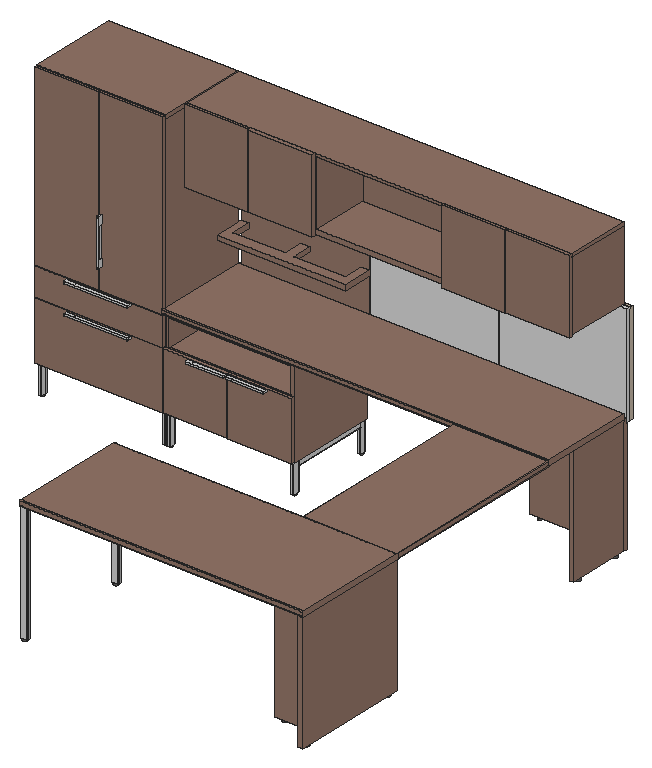
Revit family "FLV011", category Furniture, Revit 2019 (continued)
Definition of nested family "JSI-Flux-Workwall_Panel"
  Dimensions and locks (in)
    aligned and locked: plane 22 to Extrusion 9
    aligned and locked: Extrusion 9 to plane 21
    aligned and locked: curve 5 to plane 2 "Center (Left/Right)"
    aligned and locked: curve 6 to plane 4
    aligned and locked: curve 7 to plane 23
    aligned and locked: Extrusion 12 sketch curve to plane 33
    aligned and locked: plane 22 to Extrusion 10
    aligned and locked: plane 22 to Extrusion 11
    aligned and locked: plane 22 to Extrusion 12
    aligned and locked: Extrusion 10 to plane 21
    aligned and locked: Extrusion 11 to plane 21
    aligned and locked: Extrusion 12 to plane 21
    aligned and locked: Extrusion 13 sketch curve to plane 34
    aligned and locked: Extrusion 14 sketch curve to plane 37
    aligned and locked: Extrusion 14 sketch curve to plane 38
    aligned and locked: plane 22 to Extrusion 14
    aligned and locked: Extrusion 14 to plane 21
    aligned and locked: Extrusion 13 to plane 39
    aligned and locked: Extrusion 13 sketch curve to plane 35
    aligned and locked: Extrusion 13 sketch curve to plane 36
    aligned and locked: Extrusion 13 sketch curve to plane 39
    aligned and locked: Extrusion 14 sketch curve to plane 41
    aligned and locked: Extrusion 14 sketch curve to plane 40
    aligned and locked: curve 9 to Extrusion 12
    aligned and locked: curve 11 to Extrusion 12
    aligned and locked: curve 12 to Extrusion 11
    aligned and locked: curve 13 to Extrusion 11
    aligned and locked: curve 14 to Extrusion 10
    aligned and locked: curve 15 to Extrusion 10
    aligned and locked: curve 16 to Extrusion 13
    aligned and locked: curve 17 to Extrusion 13
    aligned and locked: curve 18 to Extrusion 13
    aligned and locked: curve 19 to Extrusion 14
    aligned and locked: curve 20 to Extrusion 14
    aligned and locked: curve 21 to Extrusion 14
    aligned and locked: plane 41 to curve 21
    aligned and locked: plane 41 to curve 20
    aligned and locked: plane 22 to Extrusion 13
    aligned and locked: Extrusion 13 to plane 21
    aligned and locked: plane 39 to curve 16
    aligned and locked: plane 39 to curve 18
    aligned and locked: Sweep 15 sketch curve to curve 9
    aligned and locked: Sweep 15 sketch curve to curve 11
    aligned and locked: Sweep 15 sketch curve to plane 22
    aligned and locked: Extrusion 16 sketch curve to Sweep 15  (x2)
    aligned and locked: Extrusion 16 to Sweep 15  (x2)
    aligned and locked: Revolve 17 sketch curve to plane 22
    aligned and locked: Revolve 17 sketch curve to plane 25  (x2)
    aligned and locked: Revolve 18 sketch curve to plane 24  (x2)
    aligned and locked: Revolve 18 sketch curve to plane 22
  Automatic sketch dimensions
    Extrusion 10 sketch curve to plane 24 = 0' - 0"
    plane 27 to Extrusion 10 sketch curve = 0' - 0"
    Extrusion 11 sketch curve to plane 25 = 0' - 0"
    plane 27 to Extrusion 11 sketch curve = 0' - 0"
    Extrusion 12 sketch curve to plane 30 = 0' - 0"
    Extrusion 12 sketch curve to plane 31 = 0' - 0"
    Sweep 15 sketch curve to Sweep 15 sketch curve = 0' - 0"  (x4)
    Revolve 17 sketch curve to Revolve 17 sketch curve = 0' - 0"  (x3)
    plane 25 to Revolve 17 sketch curve = 0' - 0.06418"
    Revolve 17 sketch curve to level = 1' - 0"
    plane 10 to Revolve 17 sketch curve = 3' - 7"
    Revolve 18 sketch curve to Revolve 18 sketch curve = 0' - 0 1/16"
    Revolve 18 sketch curve to Revolve 18 sketch curve = 0' - 0"
    Revolve 18 sketch curve to level = 1' - 0"
    plane 10 to Revolve 18 sketch curve = 3' - 7"
Definition of nested family "JSI-Flux-Md_Crdnz_Wg_End_Sup"
  Parameters (values of type "Type Catalog - Md Crdnz Wg End Sup")
    Width = 3' - 0"
    URL = "www.jsifurniture.com"
    Type Comments = ""
    Series = "FLUX"  # constant formula
    R = if(L, 1 > 2, 2 > 1)  # no
    L = yes
    Glides = none
    End_Panel_Dist = if(L, Width - 0' 0 7/8", 0' 0")  # 2' - 11 1/8"
    Clamp = none
    Back_Panel_Width = Width - 0' 0 7/8"  # 2' - 11 1/8"
    Model = ""
    Manufacturer = "JSI"  # constant formula
    Keynote = "12500"
    JSI Enviromental Website = "http://www.jsifurniture.com/jsi_sustainability_intro.php"
    Height = 2' - 4"
    Panel = none
    Description = ""
    Depth = 1' - 10"
    Back_Panel_Dist = if(L, 0' 0", 0' 0 7/8")  # 0' - 0"
    Assembly Code = "E2020200"
  Reference planes (in)
    plane 1: z = 0
    plane 2 "Center (Left/Right)": x = -36.06413
    plane 3 "Center (Front/Back)": y = 10.75
    plane 4: y = 9.875
    plane 5: x = -0.93913
    plane 6: x = -0.06413
    plane 7: x = -0.06413
    plane 8: y = -11.25
    plane 9: z = 0.5
    plane 10: z = 28
    plane 11: x = -36.06413
    plane 12: x = -0.93913
    plane 13: x = -34.06413
    plane 14: x = -2.93913
    plane 15: y = 10.3125
    plane 16: x = -2.93913
    plane 17: x = -18.06413
    plane 18: y = -0.6875
    plane 19: y = 4.59375
    plane 20: y = -5.96875
    plane 21: x = -0.50163
    plane 22: y = -9.25
  Forms (in)
    Extrusion 1, solid, material <- "Panel"
      sketch origin (0, 0, 0) x (1, 0, 0) y (0, 1, 0)
        loop
          line (-36.06413, 10.75) -> (-36.06413, 9.875) -> (-0.93913, 9.875) -> (-0.93913, 10.75) -> (-36.06413, 10.75)
      from 0.5 to 28
    Extrusion 2, solid, material <- "Panel"
      sketch origin (0, 0, 0) x (1, 0, 0) y (0, 1, 0)
        loop
          line (-0.93913, 10.75) -> (-0.93913, -11.25) -> (-0.06413, -11.25) -> (-0.06413, 10.75) -> (-0.93913, 10.75)
      from 0.5 to 28
    Extrusion 3, solid, material <- "Glides"
      sketch origin (0, 0, 0) x (1, 0, 0) y (0, 1, 0)
        loop
          circle (-34.06413, 10.3125) r 0.4375
      from 0 to 0.5
    Extrusion 4, solid, material <- "Glides"
      sketch origin (0, 0, 0) x (1, 0, 0) y (0, 1, 0)
        loop
          circle (-2.93913, 10.3125) r 0.4375
      from 0 to 0.5
    Extrusion 5, solid, material <- "Glides"
      sketch origin (0, 0, 0) x (1, 0, 0) y (0, 1, 0)
        loop
          circle (-0.50163, -9.25) r 0.4375
      from 0 to 0.5
  Lines and regions (in)
    symbolic lines
      curve 1: line (-0.93913, 10.75, 0) -> (-36.06413, 10.75, 0)
      curve 2: line (-0.93913, 9.875, 0) -> (-36.06413, 9.875, 0)
      curve 3: line (-36.06413, 10.75, 0) -> (-36.06413, 9.875, 0)
      curve 4: line (-0.93913, 10.75, 0) -> (-0.93913, 9.875, 0)
      curve 5: line (-0.93913, 10.75, 0) -> (-0.93913, -11.25, 0)
      curve 6: line (-0.06413, 10.75, 0) -> (-0.06413, -11.25, 0)
      curve 7: line (-0.06413, 10.75, 0) -> (-0.93913, 10.75, 0)
      curve 8: line (-0.06413, -11.25, 0) -> (-0.93913, -11.25, 0)
  Dimensions and locks (in)
    "Width": plane 2 "Center (Left/Right)" to plane 7
    locked: plane 5 to plane 6 at 0.875
    locked: plane 4 to plane 3 "Center (Front/Back)" at 0.875
    "Depth": plane 8 to plane 3 "Center (Front/Back)"
    locked: plane 9 to plane 1 at 0.5
    "Height": plane 10 to plane 1
    "Back_Panel_Width": plane 11 to plane 12
    "Back_Panel_Dist": plane 2 "Center (Left/Right)" to plane 11
    "End_Panel_Dist": plane 2 "Center (Left/Right)" to plane 5
    locked: plane 11 to plane 13 at 2
    locked: plane 14 to plane 12 at 2
    locked: plane 15 to plane 3 "Center (Front/Back)" at 0.4375
    plane 2 "Center (Left/Right)" to plane 17 to plane 7 = 1' - 6", 1' - 6"
    equal spacing: plane 8, plane 18, plane 4
    equal spacing: plane 18, plane 19, plane 4
    equal spacing: plane 8, plane 20, plane 18
    locked: plane 5 to plane 21 at 0.4375
    locked: plane 8 to plane 22 at 2
    radius of Extrusion 3 sketch curve = 0' - 0 7/16"
    radius of Extrusion 4 sketch curve = 0' - 0 7/16"
    radius of Extrusion 5 sketch curve = 0' - 0 7/16"
    aligned and locked: level to plane 1
    aligned and locked: Extrusion 1 sketch curve to plane 11
    aligned and locked: Extrusion 1 sketch curve to plane 12
    aligned and locked: Extrusion 1 sketch curve to plane 3 "Center (Front/Back)"
    aligned and locked: Extrusion 1 sketch curve to plane 4
    aligned and locked: Extrusion 2 sketch curve to plane 5
    aligned and locked: Extrusion 2 sketch curve to plane 6
    aligned and locked: Extrusion 2 sketch curve to plane 3 "Center (Front/Back)"
    aligned and locked: Extrusion 2 sketch curve to plane 8
    aligned and locked: plane 10 to Extrusion 2
    aligned and locked: Extrusion 2 to plane 9
    aligned and locked: plane 10 to Extrusion 1
    aligned and locked: Extrusion 1 to plane 9
    aligned and locked: Extrusion 3 to plane 1
    aligned and locked: Extrusion 4 to plane 1
    aligned and locked: plane 9 to Extrusion 3
    aligned and locked: plane 9 to Extrusion 4
    aligned and locked: plane 10 to nested 1
    aligned and locked: nested 1 to plane 19
    aligned and locked: nested 2 to plane 20
    aligned and locked: plane 5 to nested 3
    aligned and locked: nested 3 to plane 10
    aligned and locked: plane 5 to nested 4
    aligned and locked: nested 4 to plane 10
    aligned and locked: plane 6 to nested 2
    aligned and locked: plane 6 to nested 1
    aligned and locked: curve 1 to plane 3 "Center (Front/Back)"
    aligned and locked: curve 2 to plane 4
    aligned and locked: curve 3 to plane 11
    aligned and locked: curve 4 to plane 12
    aligned and locked: curve 5 to plane 5
    aligned and locked: curve 6 to plane 6
    aligned and locked: curve 7 to plane 3 "Center (Front/Back)"
    aligned and locked: curve 8 to plane 8
    aligned and locked: plane 19 to nested 4
    aligned and locked: plane 20 to nested 3
    aligned and locked: nested 6 to plane 18
    aligned and locked: plane 18 to nested 5
    aligned and locked: plane 10 to nested 6
    aligned and locked: nested 5 to plane 10
    aligned and locked: nested 6 to plane 10
    aligned and locked: plane 10 to nested 5
    aligned and locked: plane 6 to nested 6
    aligned and locked: plane 5 to nested 5
    aligned and locked: plane 9 to Extrusion 5
    aligned and locked: Extrusion 5 to plane 1
  Automatic sketch dimensions
    Extrusion 3 sketch curve to plane 13 = 0' - 0"
    plane 15 to Extrusion 3 sketch curve = 0' - 0"
    Extrusion 4 sketch curve to plane 14 = 0' - 0"
    plane 15 to Extrusion 4 sketch curve = 0' - 0"
    Extrusion 5 sketch curve to plane 21 = 0' - 0"
    plane 22 to Extrusion 5 sketch curve = 0' - 0"
  Nested families (in)
    nested 1: "Clamp" at (10.68587, 40.65788, 27.125) x (0, 1, 0) z (0, 0, 1), Clamp Finish <- "Clamp", visible <- "R", type "Clamp"
      with Clamp Finish none, Clamp yes
    nested 2: "Clamp" at (10.68587, 30.09538, 27.125) x (0, 1, 0) z (0, 0, 1), Clamp Finish <- "Clamp", visible <- "R", type "Clamp"
      with Clamp Finish none, Clamp yes
    nested 3: "Clamp" at (-11.68913, 30.09538, 27.125) x (0, 1, 0) z (0, 0, 1), Clamp Finish <- "Clamp", visible <- "L", type "Clamp"
      with Clamp Finish none, Clamp yes
    nested 4: "Clamp" at (-11.68913, 40.65788, 27.125) x (0, 1, 0) z (0, 0, 1), Clamp Finish <- "Clamp", visible <- "L", type "Clamp"
      with Clamp Finish none, Clamp yes
    nested 5: "Clamp" at (-11.68913, 35.37663, 27.125) x (0, 1, 0) z (0, 0, 1), Clamp Finish <- "Clamp", visible <- "L", type "Clamp"
      with Clamp Finish none, Clamp yes
    nested 6: "Clamp" at (10.68587, 35.37663, 27.125) x (0, 1, 0) z (0, 0, 1), Clamp Finish <- "Clamp", visible <- "R", type "Clamp"
      with Clamp Finish none, Clamp yes
  Definition of nested family "Clamp"
    Parameters
      URL = "www.jsifurniture.com"
      Type Comments = ""
      Series = "FLUX"  # constant formula
      Model = ""
      Manufacturer = "JSI"  # constant formula
      Keynote = "12500"
      Clamp Finish [instance] = none
      Description = ""
      Clamp [instance] = yes
      Assembly Code = "E2020200"
    Reference planes (in)
      plane 1: z = 0
      plane 2 "Center (Left/Right)": x = -36.06413
      plane 3 "Center (Front/Back)": y = 10.75
      plane 4: x = -37.56413
      plane 5: x = -34.56413
    Forms (in)
      Extrusion 1, solid, material <- "Clamp Finish", visible <- "Clamp"
        sketch origin (0, 0, 0) x (0, 1, 0) y (0, 0, 1)
          loop
            line (10.75, 0.875) -> (9.875, 0.875) -> (9.875, 0.75) -> (10.625, 0.75) -> (10.625, 0) -> (10.75, 0) -> (10.75, 0.875)
        from -37.56413 to -34.56413
    Dimensions and locks (in)
      Extrusion 1 sketch curve to Extrusion 1 sketch curve to Extrusion 1 sketch curve = 0' - 0 1/8" locked, 0' - 0 3/4" locked  (x2)
      locked: plane 4 to plane 5 at 3
      aligned and locked: level to plane 1
      aligned and locked: plane 3 "Center (Front/Back)" to Extrusion 1 sketch curve
      aligned and locked: Extrusion 1 to plane 4
      aligned and locked: plane 5 to Extrusion 1
Definition of nested family "JSI-Flux- Lat_Ped_Pm_Ht"
  Parameters (values of type "Type Catalog - Lt  Pdst, Pm Ht")
    V_Void_Dist = if(M8, 0' 0", (if(M7, (if(Width > 1' 6", 0' 0", 0' 2")), 0' 2")))  # 0' - 2"
    Top Pull Height = if(M8, (Bottom Door Height + 0' 0 1/8" - 0' 0 13/64"), (Height - 0' 7 3/16" - 0' 0 1/8" - 0' 0 13/64"))  # 1' - 8 19/64"
    Top Pull = if(M0, 1 > 2, 2 > 1)  # yes
    Top Door Height = if(M5, Height - 0' 7 3/16" - Bottom Door Height - 0' 0 3/8", (if(M6, Height - 0' 7 3/16" - Bottom Door Height - 0' 0 3/8", (if(M8, Height - 0' 7 3/16" - Bottom Door Height - 0' 0 3/8", (Height - 0' 7 3/16" - 0' 0 1/4"))))))  # 0' - 6 11/16"
    Top Door = if(M0, 1 > 2, (if(M8, 1 > 2, 2 > 1)))  # yes
    Top = none
    Width = 3' - 0"
    URL = "www.jsifurniture.com"
    Type Comments = ""
    TAG = if(M5, "BF", (if(M6, "BF", (if(B, "Drawer", (if(M0, "Open", (if(M7, (if(Width > 1' 6", "2 Doors", "1 Door")), "2 Doors")))))))))  # "BF"
    Single Door Line = if(M8, 1 > 2, (if(M0, 1 > 2, (if(M7, (if(Width > 1' 6", 1 > 2, 2 > 1)), 2 > 1)))))  # yes
    Shelf Height = 0' - 6 13/16"  # constant formula
    Shelf Finish = none
    Shelf = if(B, 1 > 2, (if(M5, 1 > 2, 2 > 1)))  # no
    Series = "FLUX"  # constant formula
    Right Pull Dist = if(M5, ((Width - Pull width) / 2), (if(M6, ((Width - Pull width) / 2), (if(B, ((Width - Pull width) / 2), (if(M7, (if(Width > 1' 6", ((Width / 2) + 0' 0 7/32"), (if(L, Width - 0' 0 7/32" - Pull width, 0' 0 7/32")))), ((Width / 2) + 0' 0 7/32"))))))))  # 1' - 1 37/64"
    Pull width = if(M6, 1' 2 27/32", (if(B, 1' 2 27/32", 0' 8 27/32")))  # 0' - 8 27/32"
    Pull Finish = none
    Model = ""
    Manufacturer = "JSI"  # constant formula
    M8 = no
    M7 = no
    M6 = no
    M5 = yes
    M0 = no
    Legs = none
    Leg Width = Width  # 3' - 0"
    Leg Depth = Depth - 0' 0 3/4"  # 1' - 9 1/16"
    Left Pull Dist = if(M5, ((Width - Pull width) / 2) + Pull width, (if(M6, ((Width - Pull width) / 2) + Pull width, (if(B, ((Width - Pull width) / 2) + Pull width, (if(M7, (if(Width > 1' 6", ((Width / 2) - 0' 0 7/32"), (if(L, Width - 0' 0 7/32", 0' 0 7/32" + Pull width)))), ((Width / 2) - 0' 0 7/32"))))))))  # 1' - 10 27/64"
    L = no
    Keynote = "12500"
    JSI Enviromental Website = "http://www.jsifurniture.com/jsi_sustainability_intro.php"
    Height = 2' - 3 13/16"
    Grommet Dist = if(B, ((Width / 2) - 0' 3"), (if(M0, ((Width / 2) - 0' 3"), Width + 0' 1")))  # 3' - 1"
    Glides = none
    Door Lines = if(M0, 1 > 2, 2 > 1)  # yes
    Db Doors Line = if(M8, 2 > 1, (if(M0, 1 > 2, (if(M7, (if(Width > 1' 6", 2 > 1, 1 > 2)), 1 > 2)))))  # no
    Bottom Pull Dist = (Width - Pull width) / 2  # 1' - 1 37/64"
    Bottom Pull = if(M5, 2 > 1, (if(M6, 2 > 1, 1 > 2)))  # yes
    Bottom Door Height = if(M5, 1' 1 9/16", (if(M6, 1' 1 9/16", (if(M8, 1' 1 9/16", (Height - 0' 7 3/16" - 0' 0 1/8" - 0' 0 1/8"))))))  # 1' - 1 9/16"
    Bottom Door = if(M0, 1 > 2, 2 > 1)  # yes
    Back Panel = none
    Door Front = none
    Description = ""
    Depth = 1' - 9 13/16"
    Chassis = none
    B = no
    Assembly Code = "E2020200"
  Reference planes (in)
    plane 1: z = 0
    plane 2 "Center (Left/Right)": x = -36.06413
    plane 3 "Center (Front/Back)": y = 10.75
    plane 4: x = -31.06413
    plane 5: x = 4.93587
    plane 6: x = -30.31413
    plane 7: x = 4.18587
    plane 8: y = 10.6875
    plane 9: y = 9.9375
    plane 10: y = 8.75
    plane 11: y = -11.0625
    plane 12: y = -10.3125
    plane 13: y = -5.8125
    plane 14: y = 1.5625
    plane 15: y = 6.0625
    plane 16: x = -13.06413
    plane 17: z = 0.3125
    plane 18: z = 7.1875
    plane 19: z = 27.8125
    plane 20: z = 27.0625
    plane 21: z = 7.9375
    plane 22: z = 7.3125
    plane 23: z = 27.6875
    plane 24: z = 20.875
    plane 25: z = 21
    plane 26: z = 25.0625
    plane 27: z = 21
    plane 28: z = 20.25
    plane 29: x = -31.00163
    plane 30: x = 4.87337
    plane 31: y = 9.4375
    plane 32: y = 6.9375
    plane 33: x = 11.93587
    plane 34: x = 5.93587
    plane 35: z = 23.5
    plane 36: x = -13.12663
    plane 37: x = -13.00163
    plane 38: y = -12.3125
    plane 39: y = -13.3125
    plane 40: x = -8.64226
    plane 41: x = -17.48601
    plane 42: x = -17.48601
    plane 43: z = 27.48438
    plane 44: z = 20.67188
    plane 45: y = 0.21875
  Forms (in)
    Extrusion 1, solid, material <- "Chassis"
      sketch origin (0, 0, 0) x (1, 0, 0) y (0, 1, 0)
        loop
          line (-31.06413, 10.75) -> (-31.06413, -10.3125) -> (-30.31413, -10.3125) -> (-30.31413, 10.75) -> (-31.06413, 10.75)
      from 7.1875 to 27.8125
    Extrusion 2, solid, material <- "Chassis"
      sketch origin (0, 0, 0) x (1, 0, 0) y (0, 1, 0)
        loop
          line (4.18587, 10.75) -> (4.18587, -10.3125) -> (4.93587, -10.3125) -> (4.93587, 10.75) -> (4.18587, 10.75)
      from 7.1875 to 27.8125
    Extrusion 3, solid, material <- "Back Panel"
      sketch origin (0, 0, 0) x (1, 0, 0) y (0, 1, 0)
        loop
          line (4.18587, 9.9375) -> (4.18587, 10.6875) -> (-30.31413, 10.6875) -> (-30.31413, 9.9375) -> (4.18587, 9.9375)
      from 7.1875 to 27.8125
    Extrusion 4, solid, material <- "Door Front", visible <- "Bottom Door"
      sketch origin (0, 0, 0) x (1, 0, 0) y (0, 1, 0)
        loop
          line (4.87337, -10.3125) -> (-31.00163, -10.3125) -> (-31.00163, -11.0625) -> (4.87337, -11.0625) -> (4.87337, -10.3125)
      from 7.3125 to 20.875
    Extrusion 5, solid, material <- "Door Front", visible <- "Top Door"
      sketch origin (0, 0, 0) x (1, 0, 0) y (0, 1, 0)
        loop
          line (-31.00163, -10.3125) -> (-31.00163, -11.0625) -> (4.87337, -11.0625) -> (4.87337, -10.3125) -> (-31.00163, -10.3125)
      from 21 to 27.6875
    Extrusion 6, solid, material <- "Shelf Finish", visible <- "Shelf"
      sketch origin (0, 0, 0) x (1, 0, 0) y (0, 1, 0)
        loop
          line (-30.31413, 9.9375) -> (-30.31413, -10.3125) -> (4.18587, -10.3125) -> (4.18587, 9.9375) -> (-30.31413, 9.9375)
      from 20.25 to 21
    Extrusion 7, void
      sketch origin (0, 0, 0) x (1, 0, 0) y (0, 1, 0)
        loop
          line (5.93587, 8.4375) -> (5.93587, 7.9375)
          arc (5.93587, 7.9375) -> (6.22876, 7.23039) -> (6.93587, 6.9375) r 1
          line (6.93587, 6.9375) -> (10.93587, 6.9375)
          arc (10.93587, 6.9375) -> (11.64297, 7.23039) -> (11.93587, 7.9375) r 1
          line (11.93587, 7.9375) -> (11.93587, 8.4375)
          arc (11.93587, 8.4375) -> (11.64297, 9.14461) -> (10.93587, 9.4375) r 1
          line (10.93587, 9.4375) -> (6.93587, 9.4375)
          arc (6.93587, 9.4375) -> (6.22876, 9.14461) -> (5.93587, 8.4375) r 1
      from 20.25 to 21
    Extrusion 8, void
      sketch origin (0, 0, 0) x (1, 0, 0) y (0, 0, 1)
        loop
          line (6.93587, 21) -> (10.93587, 21)
          arc (10.93587, 21) -> (11.64297, 21.29289) -> (11.93587, 22) r 1
          line (11.93587, 22) -> (11.93587, 22.5)
          arc (11.93587, 22.5) -> (11.64297, 23.20711) -> (10.93587, 23.5) r 1
          line (10.93587, 23.5) -> (6.93587, 23.5)
          arc (6.93587, 23.5) -> (6.22876, 23.20711) -> (5.93587, 22.5) r 1
          line (5.93587, 22.5) -> (5.93587, 22)
          arc (5.93587, 22) -> (6.22876, 21.29289) -> (6.93587, 21) r 1
      from -10.75 to -9.9375
    Extrusion 9, void
      sketch origin (0, 0, 0) x (1, 0, 0) y (0, 1, 0)
        loop
          line (-13.12663, -12.3125) -> (-13.12663, -13.3125) -> (-13.00163, -13.3125) -> (-13.00163, -12.3125) -> (-13.12663, -12.3125)
      from 7.1875 to 27.8125
    Extrusion 10, solid, material <- "Top"
      sketch origin (0, 0, 0) x (0, 1, 0) y (0, 0, 1)
        loop
          line (6.0625, 27.8125) -> (1.5625, 27.8125) -> (1.5625, 27.0625) -> (6.0625, 27.0625) -> (6.0625, 27.8125)
      from -30.31413 to 4.18587
    Extrusion 11, solid, material <- "Top"
      sketch origin (0, 0, 0) x (0, 1, 0) y (0, 0, 1)
        loop
          line (-5.8125, 27.8125) -> (-10.3125, 27.8125) -> (-10.3125, 27.0625) -> (-5.8125, 27.0625) -> (-5.8125, 27.8125)
      from -30.31413 to 4.18587
    Extrusion 12, solid, material <- "Chassis"
      sketch origin (0, 0, 0) x (0, 1, 0) y (0, 0, 1)
        loop
          line (9.9375, 7.9375) -> (-10.3125, 7.9375) -> (-10.3125, 7.1875) -> (9.9375, 7.1875) -> (9.9375, 7.9375)
      from -30.31413 to 4.18587
  Cuts and joins
    Extrusion 7 cuts Extrusion 6
    Extrusion 8 cuts Extrusion 3
    Extrusion 9 cuts Extrusion 5
    Extrusion 9 cuts Extrusion 4
  Lines and regions (in)
    symbolic lines
      curve 1: line (-31.06413, 10.75, 0) -> (-31.06413, -10.3125, 0)
      curve 2: line (4.93587, 10.75, 0) -> (4.18587, 10.75, 0)
      curve 3: line (-30.31413, 10.75, 0) -> (-30.31413, 10.6875, 0)
      curve 4: line (4.18587, 10.6875, 0) -> (-30.31413, 10.6875, 0)
      curve 5: line (4.18587, 10.75, 0) -> (4.18587, 10.6875, 0)
      curve 6: line (4.93587, 10.75, 0) -> (4.93587, -10.3125, 0)
      curve 7: line (-30.31413, 10.75, 0) -> (-31.06413, 10.75, 0)
      curve 12: line (4.93587, -10.3125, 0) -> (-31.06413, -10.3125, 0)
    symbolic lines, visible <- "Db Doors Line"
      curve 8: line (4.87337, -11.0625, 0) -> (-13.00163, -11.0625, 0)
      curve 9: line (4.87337, -10.3125, 0) -> (4.87337, -11.0625, 0)
      curve 10: line (-13.12663, -10.3125, 0) -> (-13.12663, -11.0625, 0)
      curve 11: line (-13.00163, -10.3125, 0) -> (-13.00163, -11.0625, 0)
      curve 18: line (-13.12663, -10.3125, 0) -> (-13.12663, -11.0625, 0)
      curve 20: line (-13.00163, -10.3125, 0) -> (-13.00163, -11.0625, 0)
    symbolic lines, detail levels medium+fine
      curve 13: line (-30.31413, 9.9375, 0) -> (-30.31413, -10.3125, 0)
      curve 14: line (4.18587, 9.9375, 0) -> (-30.31413, 9.9375, 0)
      curve 15: line (4.18587, 9.9375, 0) -> (4.18587, -10.3125, 0)
    symbolic lines, visible <- "Door Lines"
      curve 16: line (-13.12663, -11.0625, 0) -> (-31.00163, -11.0625, 0)
      curve 17: line (-31.00163, -10.3125, 0) -> (-31.00163, -11.0625, 0)
      curve 19: line (4.87337, -11.0625, 0) -> (-13.00163, -11.0625, 0)
      curve 21: line (4.87337, -10.3125, 0) -> (4.87337, -11.0625, 0)
    symbolic lines, visible <- "Single Door Line"
      curve 22: line (-13.12663, -11.0625, 0) -> (-13.00163, -11.0625, 0)
  Dimensions and locks (in)
    "Depth": plane 11 to plane 3 "Center (Front/Back)"
    "Width": plane 4 to plane 5
    locked: plane 4 to plane 6 at 0.75
    locked: plane 7 to plane 5 at 0.75
    plane 10 to plane 9 to plane 8 to plane 3 "Center (Front/Back)" = 0' - 1 3/16" locked, 0' - 0 3/4" locked, 0' - 0 1/16" locked
    plane 11 to plane 12 to plane 13 = 0' - 0 3/4" locked, 0' - 4 1/2" locked
    locked: plane 14 to plane 15 at 4.5
    locked: plane 13 to plane 14 at 7.375
    equal spacing: plane 4, plane 16, plane 5
    "Height": plane 19 to plane 1
    locked: plane 19 to plane 20 at 0.75
    locked: plane 19 to plane 23 at 0.125
    locked: plane 21 to plane 18 at 0.75
    locked: plane 22 to plane 18 at 0.125
    locked: plane 18 to plane 17 at 6.875
    locked: plane 17 to plane 1 at 0.3125
    "Bottom Door Height": plane 24 to plane 22
    "Top Door Height": plane 23 to plane 25
    locked: plane 19 to plane 26 at 2.75
    locked: plane 27 to plane 28 at 0.75
    "Shelf Height": plane 19 to plane 27
    locked: plane 4 to plane 29 at 0.0625
    locked: plane 30 to plane 5 at 0.0625
    plane 32 to plane 31 to plane 3 "Center (Front/Back)" = 0' - 2 1/2" locked, 0' - 1 5/16" locked
    locked: plane 34 to plane 33 at 6
    "Grommet Dist": plane 4 to plane 34
    locked: plane 35 to plane 27 at 2.5
    plane 36 to plane 16 to plane 37 = 0' - 0 1/16" locked, 0' - 0 1/16" locked
    locked: plane 39 to plane 38 at 1
    "V_Void_Dist": plane 38 to plane 12
    locked: plane 24 to plane 44 at 0.20312
    "Top Pull Height": plane 43 to plane 18
    "Left Pull Dist": plane 4 to plane 40
    "Right Pull Dist": plane 4 to plane 41
    "Bottom Pull Dist": plane 4 to plane 42
    equal spacing: plane 12, plane 45, plane 3 "Center (Front/Back)"
    radius of Extrusion 8 sketch curve = 0' - 1"  (x4)
    aligned and locked: level to plane 1
    aligned and locked: Extrusion 1 sketch curve to plane 4
    aligned and locked: Extrusion 1 sketch curve to plane 6
    aligned and locked: Extrusion 1 sketch curve to plane 3 "Center (Front/Back)"
    aligned and locked: Extrusion 1 sketch curve to plane 12
    aligned and locked: Extrusion 2 sketch curve to plane 7
    aligned and locked: Extrusion 2 sketch curve to plane 5
    aligned and locked: Extrusion 2 sketch curve to plane 3 "Center (Front/Back)"
    aligned and locked: Extrusion 2 sketch curve to plane 12
    aligned and locked: Extrusion 3 sketch curve to plane 9
    aligned and locked: Extrusion 3 sketch curve to plane 8
    aligned and locked: Extrusion 3 sketch curve to plane 6
    aligned and locked: Extrusion 3 sketch curve to plane 7
    aligned and locked: plane 19 to Extrusion 1
    aligned and locked: plane 19 to Extrusion 2
    aligned and locked: plane 19 to Extrusion 3
    aligned and locked: Extrusion 1 to plane 18
    aligned and locked: Extrusion 2 to plane 18
    aligned and locked: Extrusion 3 to plane 18
    aligned and locked: Extrusion 4 sketch curve to plane 12
    aligned and locked: Extrusion 4 sketch curve to plane 11
    aligned and locked: Extrusion 4 sketch curve to plane 29
    aligned and locked: Extrusion 4 sketch curve to plane 30
    aligned and locked: plane 24 to Extrusion 4
    aligned and locked: Extrusion 4 to plane 22
    aligned and locked: Extrusion 5 sketch curve to plane 29
    aligned and locked: Extrusion 5 sketch curve to plane 12
    aligned and locked: Extrusion 5 sketch curve to plane 11
    aligned and locked: Extrusion 5 sketch curve to plane 30
    aligned and locked: plane 23 to Extrusion 5
    aligned and locked: Extrusion 5 to plane 25
    aligned and locked: Extrusion 6 sketch curve to plane 6
    aligned and locked: Extrusion 6 sketch curve to plane 7
    aligned and locked: Extrusion 6 sketch curve to plane 9
    aligned and locked: plane 27 to Extrusion 6
    aligned and locked: Extrusion 6 to plane 28
    aligned and locked: Extrusion 7 sketch curve to plane 34
    aligned and locked: Extrusion 7 sketch curve to plane 33
    aligned and locked: Extrusion 7 sketch curve to plane 31
    aligned and locked: Extrusion 7 sketch curve to plane 32
    aligned and locked: plane 27 to Extrusion 7
    aligned and locked: Extrusion 7 to plane 28
    aligned and locked: Extrusion 8 sketch curve to plane 27
    aligned and locked: Extrusion 8 sketch curve to plane 35
    aligned and locked: Extrusion 8 sketch curve to plane 34
    aligned and locked: Extrusion 8 sketch curve to plane 33
    aligned and locked: Extrusion 8 to plane 3 "Center (Front/Back)"
    aligned and locked: plane 9 to Extrusion 8
    aligned and locked: Extrusion 9 sketch curve to plane 36
    aligned and locked: Extrusion 9 sketch curve to plane 37
    aligned and locked: Extrusion 9 sketch curve to plane 38
    aligned and locked: Extrusion 9 sketch curve to plane 39
    aligned and locked: plane 19 to Extrusion 9
    aligned and locked: Extrusion 9 to plane 18
    aligned and locked: plane 15 to Extrusion 10 sketch curve
    aligned and locked: plane 14 to Extrusion 10 sketch curve
    aligned and locked: plane 20 to Extrusion 10 sketch curve
    aligned and locked: plane 19 to Extrusion 10 sketch curve
    aligned and locked: plane 13 to Extrusion 11 sketch curve
    aligned and locked: plane 12 to Extrusion 11 sketch curve
    aligned and locked: plane 19 to Extrusion 11 sketch curve
    aligned and locked: plane 20 to Extrusion 11 sketch curve
    aligned and locked: Extrusion 10 to plane 6
    aligned and locked: Extrusion 11 to plane 6
    aligned and locked: plane 7 to Extrusion 11
    aligned and locked: plane 7 to Extrusion 10
    aligned and locked: plane 40 to nested 1
    aligned and locked: plane 11 to nested 1
    aligned and locked: plane 11 to nested 2
    aligned and locked: nested 2 to plane 42
    aligned and locked: plane 43 to nested 1
    aligned and locked: plane 44 to nested 2
    aligned and locked: plane 12 to cut or joined group of Extrusion 6, Extrusion 7
    aligned and locked: plane 9 to Extrusion 12 sketch curve
    aligned and locked: plane 21 to Extrusion 12 sketch curve
    aligned and locked: plane 18 to Extrusion 12 sketch curve
    aligned and locked: Extrusion 12 to plane 6
    aligned and locked: plane 7 to Extrusion 12
    aligned and locked: plane 16 to nested 3
    aligned and locked: nested 3 to plane 45
    aligned and locked: plane 18 to nested 3
    aligned and locked: nested 3 to plane 1
    aligned and locked: curve 1 to plane 4
    aligned and locked: curve 2 to plane 3 "Center (Front/Back)"
    aligned and locked: curve 3 to plane 6
    aligned and locked: curve 4 to plane 8
    aligned and locked: curve 5 to plane 7
    aligned and locked: curve 6 to plane 5
    aligned and locked: curve 9 to plane 30
    aligned and locked: plane 12 to curve 9
    aligned and locked: curve 12 to plane 12
    aligned and locked: curve 13 to plane 6
    aligned and locked: curve 14 to plane 9
    aligned and locked: curve 15 to plane 7
    aligned and locked: plane 16 to nested 4
    aligned and locked: plane 11 to nested 4
    aligned and locked: curve 16 to plane 11
    aligned and locked: curve 19 to plane 11
    aligned and locked: Extrusion 12 sketch curve to plane 12
    aligned and locked: plane 11 to nested 5
    aligned and locked: nested 5 to plane 41
    aligned and locked: plane 44 to nested 5
  Automatic sketch dimensions
    plane 34 to Extrusion 7 sketch curve = 0' - 1"
    Extrusion 7 sketch curve to Extrusion 7 sketch curve = 0' - 0"
    Extrusion 7 sketch curve to plane 33 = 0' - 1"
    plane 10 to Extrusion 7 sketch curve = 0' - 0 5/16"
    plane 12 to Extrusion 6 sketch curve = 0' - 0"
    curve 16 to plane 29 = 0' - 0"
    curve 22 to plane 36 = 0' - 0"
    curve 22 to plane 37 = 0' - 0"
    plane 3 "Center (Front/Back)" to curve 7 = 0' - 0"
  Nested families (in)
    nested 1: "Bar Pull CL" at (-16.30626, -11.0625, 27.48438), Pull Finish <- "Pull Finish", visible <- "Top Pull", Pull Line <- "Top Pull", type "PL"
      with Pull Line yes, Pull Finish none
    nested 2: "Bar Pull CL" at (-16.30626, -11.0625, 20.67188), Pull Finish <- "Pull Finish", visible <- "Bottom Pull", Pull Line <- "Bottom Pull", type "PL"
      with Pull Line yes, Pull Finish none
    nested 3: "LEGS" at (-31.06413, 10.75, 0), LEGS <- "Legs", GLIDES <- "Glides", Depth <- "Leg Depth", Width <- "Leg Width", type "LG"
      with Width 3' - 0", LG yes, LEGS none, GLIDES none, Depth 1' - 9 1/16"
    nested 4: "Label 1-16" at (-13.06413, -11.0625, 0), type "DRWCFG"
    nested 5: "Bar Pull CL" at (-16.30626, -11.0625, 20.67188), Pull Finish <- "Pull Finish", visible <- "Top Pull", Pull Line <- "Top Pull", type "PL"
      with Pull Line yes, Pull Finish none
  Definition of nested family "Bar Pull CL"
    Parameters
      Stud = Pull Width / 7  # 0' - 1.26339"
      Pull Width = 0' - 8 27/32"
      Pull Line [instance] = yes
      Pull Finish [instance] = none
    Reference planes (in)
      plane 1 "Center Front/Back": y = 0
      plane 2: z = 0
      plane 3 "Center Left/Right": x = 3.24213
    Forms (in)
      Extrusion 1, solid, material <- "Pull Finish"
        sketch origin (0, 0, 0) x (1, 0, 0) y (0, 1, 0)
          loop
            line (-1.17975, 0) -> (-1.17975, -0.85113)
            arc (-1.17975, -0.85113) -> (-1.15229, -0.91742) -> (-1.086, -0.94488) r 0.09375
            line (-1.086, -0.94488) -> (7.58526, -0.94488)
            arc (7.58526, -0.94488) -> (7.64094, -0.92182) -> (7.664, -0.86614) r 0.07874
            line (7.664, -0.86614) -> (7.664, 0) -> (6.40061, 0) -> (6.40061, -0.70177)
            arc (6.40061, -0.70177) -> (6.364, -0.79016) -> (6.27561, -0.82677) r 0.125
            line (6.27561, -0.82677) -> (0.20864, -0.82677)
            arc (0.20864, -0.82677) -> (0.12026, -0.79016) -> (0.08364, -0.70177) r 0.125
            line (0.08364, -0.70177) -> (0.08364, 0) -> (-1.17975, 0)
        from -0.43307 to -0.11811
      Extrusion 2, solid, material <- "Pull Finish"
        sketch origin (0, 0, 0) x (1, 0, 0) y (0, 1, 0)
          loop
            line (-1.17975, 0) -> (-1.17975, -0.85113)
            arc (-1.17975, -0.85113) -> (-1.15229, -0.91742) -> (-1.086, -0.94488) r 0.09375
            line (-1.086, -0.94488) -> (7.58526, -0.94488)
            arc (7.58526, -0.94488) -> (7.64094, -0.92182) -> (7.664, -0.86614) r 0.07874
            line (7.664, -0.86614) -> (7.664, 0) -> (-1.17975, 0)
        from 0 to -0.11811
    Cuts and joins
      joined: Extrusion 1, Extrusion 2
    Lines and regions (in)
      symbolic lines, visible <- "Pull Line"
        curve 1: line (-1.17975, 0, 0) -> (-1.17975, -0.85113, 0)
        curve 2: line (7.664, -0.86614, 0) -> (7.664, 0, 0)
        curve 3: line (-1.086, -0.94488, 0) -> (7.58526, -0.94488, 0)
        curve 4: arc (-1.17975, -0.85113, 0) -> (-1.15229, -0.91742, 0) -> (-1.086, -0.94488, 0) r 0.09375
        curve 5: arc (7.58526, -0.94488, 0) -> (7.64094, -0.92182, 0) -> (7.664, -0.86614, 0) r 0.07874
    Dimensions and locks (in)
      equal spacing: Extrusion 1 sketch curve, plane 3 "Center Left/Right", Extrusion 1 sketch curve
      "Stud": Extrusion 1 sketch curve to Extrusion 1 sketch curve  (x2)
      "Pull Width": Extrusion 1 sketch curve to Extrusion 1 sketch curve
      aligned and locked: level to plane 2
      aligned and locked: Extrusion 2 sketch curve to Extrusion 1  (x2)
      aligned and locked: cut or joined group of Extrusion 1, Extrusion 2 to curve 1
      aligned and locked: curve 4 to cut or joined group of Extrusion 1, Extrusion 2
      aligned and locked: curve 5 to cut or joined group of Extrusion 1, Extrusion 2
      aligned and locked: plane 1 "Center Front/Back" to curve 1
      aligned and locked: plane 1 "Center Front/Back" to curve 2
    Automatic sketch dimensions
      plane 1 "Center Front/Back" to Extrusion 2 sketch curve = 0' - 0"
      plane 1 "Center Front/Back" to Extrusion 1 sketch curve = 0' - 0"  (x2)
      Extrusion 1 sketch curve to Extrusion 1 sketch curve = 0' - 0 3/32"
      Extrusion 1 sketch curve to Extrusion 1 sketch curve = 0' - 0 1/8"  (x2)
      Extrusion 1 sketch curve to Extrusion 1 sketch curve = 0' - 0.07874"
      plane 1 "Center Front/Back" to Extrusion 1 sketch curve = 0' - 0.70177"
      plane 1 "Center Front/Back" to Extrusion 1 sketch curve = 0' - 0.85113"
  Definition of nested family "LEGS"
    Parameters
      Width [instance] = 2' - 6"
      LG [instance] = yes
      LEGS [instance] = none
      GLIDES [instance] = none
      Depth [instance] = 1' - 9 3/32"
    Reference planes (in)
      plane 1 "Center Front/Back": y = 0
      plane 2: z = 0
      plane 3 "Center Left/Right": x = 0
      plane 4: x = 30
      plane 5: y = -21.09375
      plane 6: x = 0.21441
      plane 7: x = 0.96441
      plane 8: x = 29.03125
      plane 9: x = 29.78125
      plane 10: z = 7.1875
      plane 11: y = -0.0625
      plane 12: y = -1.5625
      plane 13: y = -19.53125
      plane 14: y = -21.03125
      plane 15: y = -10.54687
      plane 16: x = 15
      plane 17: z = 0.30625
    Forms (in)
      Extrusion 1, solid, material <- "LEGS", visible <- "LG"
        sketch origin (0, 0, 0) x (1, 0, 0) y (0, 1, 0)
          loop
            arc (0.33941, -0.0625) -> (0.25102, -0.09911) -> (0.21441, -0.1875) r 0.125
            line (0.21441, -0.1875) -> (0.21441, -1.4375)
            arc (0.21441, -1.4375) -> (0.25102, -1.52589) -> (0.33941, -1.5625) r 0.125
            line (0.33941, -1.5625) -> (0.83941, -1.5625)
            arc (0.83941, -1.5625) -> (0.9278, -1.52589) -> (0.96441, -1.4375) r 0.125
            line (0.96441, -1.4375) -> (0.96441, -0.1875)
            arc (0.96441, -0.1875) -> (0.9278, -0.09911) -> (0.83941, -0.0625) r 0.125
            line (0.83941, -0.0625) -> (0.33941, -0.0625)
          loop
            arc (29.15625, -0.0625) -> (29.06786, -0.09911) -> (29.03125, -0.1875) r 0.125
            line (29.03125, -0.1875) -> (29.03125, -1.4375)
            arc (29.03125, -1.4375) -> (29.06786, -1.52589) -> (29.15625, -1.5625) r 0.125
            line (29.15625, -1.5625) -> (29.65625, -1.5625)
            arc (29.65625, -1.5625) -> (29.74464, -1.52589) -> (29.78125, -1.4375) r 0.125
            line (29.78125, -1.4375) -> (29.78125, -0.1875)
            arc (29.78125, -0.1875) -> (29.74464, -0.09911) -> (29.65625, -0.0625) r 0.125
            line (29.65625, -0.0625) -> (29.15625, -0.0625)
          loop
            arc (29.15625, -19.53125) -> (29.06786, -19.56786) -> (29.03125, -19.65625) r 0.125
            line (29.03125, -19.65625) -> (29.03125, -20.90625)
            arc (29.03125, -20.90625) -> (29.06786, -20.99464) -> (29.15625, -21.03125) r 0.125
            line (29.15625, -21.03125) -> (29.65625, -21.03125)
            arc (29.65625, -21.03125) -> (29.74464, -20.99464) -> (29.78125, -20.90625) r 0.125
            line (29.78125, -20.90625) -> (29.78125, -19.65625)
            arc (29.78125, -19.65625) -> (29.74464, -19.56786) -> (29.65625, -19.53125) r 0.125
            line (29.65625, -19.53125) -> (29.15625, -19.53125)
          loop
            arc (0.33941, -19.53125) -> (0.25102, -19.56786) -> (0.21441, -19.65625) r 0.125
            line (0.21441, -19.65625) -> (0.21441, -20.90625)
            arc (0.21441, -20.90625) -> (0.25102, -20.99464) -> (0.33941, -21.03125) r 0.125
            line (0.33941, -21.03125) -> (0.83941, -21.03125)
            arc (0.83941, -21.03125) -> (0.9278, -20.99464) -> (0.96441, -20.90625) r 0.125
            line (0.96441, -20.90625) -> (0.96441, -19.65625)
            arc (0.96441, -19.65625) -> (0.9278, -19.56786) -> (0.83941, -19.53125) r 0.125
            line (0.83941, -19.53125) -> (0.33941, -19.53125)
        from 0.30625 to 7.1875
      Extrusion 2, solid, material <- "LEGS", visible <- "LG"
        sketch origin (0, 0, 0) x (1, 0, 0) y (0, 0, 1)
          loop
            line (0.33941, 5.6875) -> (0.83941, 5.6875)
            arc (0.83941, 5.6875) -> (0.9278, 5.72411) -> (0.96441, 5.8125) r 0.125
            line (0.96441, 5.8125) -> (0.96441, 7.0625)
            arc (0.96441, 7.0625) -> (0.9278, 7.15089) -> (0.83941, 7.1875) r 0.125
            line (0.83941, 7.1875) -> (0.33941, 7.1875)
            arc (0.33941, 7.1875) -> (0.25102, 7.15089) -> (0.21441, 7.0625) r 0.125
            line (0.21441, 7.0625) -> (0.21441, 5.8125)
            arc (0.21441, 5.8125) -> (0.25102, 5.72411) -> (0.33941, 5.6875) r 0.125
          loop
            line (29.15625, 5.6875) -> (29.65625, 5.6875)
            arc (29.65625, 5.6875) -> (29.74464, 5.72411) -> (29.78125, 5.8125) r 0.125
            line (29.78125, 5.8125) -> (29.78125, 7.0625)
            arc (29.78125, 7.0625) -> (29.74464, 7.15089) -> (29.65625, 7.1875) r 0.125
            line (29.65625, 7.1875) -> (29.15625, 7.1875)
            arc (29.15625, 7.1875) -> (29.06786, 7.15089) -> (29.03125, 7.0625) r 0.125
            line (29.03125, 7.0625) -> (29.03125, 5.8125)
            arc (29.03125, 5.8125) -> (29.06786, 5.72411) -> (29.15625, 5.6875) r 0.125
        from 1.5625 to 19.53125
      Extrusion 3, solid, material <- "LEGS", visible <- "LG"
        sketch origin (0, 0, 0) x (0, 1, 0) y (0, 0, 1)
          loop
            line (-10.03125, 6.9375) -> (-11.0625, 6.9375)
            arc (-11.0625, 6.9375) -> (-11.15089, 6.90089) -> (-11.1875, 6.8125) r 0.125
            line (-11.1875, 6.8125) -> (-11.1875, 5.8125)
            arc (-11.1875, 5.8125) -> (-11.15089, 5.72411) -> (-11.0625, 5.6875) r 0.125
            line (-11.0625, 5.6875) -> (-10.03125, 5.6875)
            arc (-10.03125, 5.6875) -> (-9.94286, 5.72411) -> (-9.90625, 5.8125) r 0.125
            line (-9.90625, 5.8125) -> (-9.90625, 6.8125)
            arc (-9.90625, 6.8125) -> (-9.94286, 6.90089) -> (-10.03125, 6.9375) r 0.125
        from 0.96441 to 29.03125
      Extrusion 4, solid, material <- "GLIDES", visible <- "LG"
        sketch origin (0, 0, 0) x (1, 0, 0) y (0, 1, 0)
          loop
            circle (0.58941, -0.8125) r 0.375
          loop
            circle (0.58941, -20.25) r 0.375
          loop
            circle (29.41059, -0.8125) r 0.375
          loop
            circle (29.41059, -20.25) r 0.375
        from 0 to 0.30625
    Dimensions and locks (in)
      "Width": plane 3 "Center Left/Right" to plane 4
      "Depth": plane 1 "Center Front/Back" to plane 5
      plane 13 to plane 14 to plane 5 = 0' - 1 1/2" locked, 0' - 0 1/16" locked
      plane 1 "Center Front/Back" to plane 11 to plane 12 = 0' - 0 1/16" locked, 0' - 1 1/2" locked
      plane 3 "Center Left/Right" to plane 6 to plane 7 = 0' - 0.21441" locked, 0' - 0 3/4" locked
      plane 8 to plane 9 to plane 4 = 0' - 0 3/4" locked, 0' - 0 7/32" locked
      locked: plane 10 to Extrusion 2 sketch curve at 1.5  (x2)
      plane 10 to Extrusion 3 sketch curve to Extrusion 3 sketch curve = 0' - 0 1/4" locked, 0' - 1 1/4" locked
      equal spacing: plane 3 "Center Left/Right", plane 16, plane 4
      equal spacing: plane 5, plane 15, plane 1 "Center Front/Back"
      equal spacing: Extrusion 3 sketch curve, plane 15, Extrusion 3 sketch curve, locked at 0.64063 each
      locked: plane 13 to Extrusion 4 sketch curve at 0.71875  (x2)
      locked: Extrusion 4 sketch curve to plane 7 at 0.375  (x2)
      locked: Extrusion 4 sketch curve to plane 12 at 0.75  (x2)
      locked: plane 8 to Extrusion 4 sketch curve at 0.37934  (x2)
      plane 10 to plane 17 to plane 2 = 0' - 6.88125" locked, 0' - 0.30625" locked
      aligned and locked: level to plane 2
      aligned and locked: Extrusion 1 sketch curve to plane 11  (x2)
      aligned and locked: plane 6 to Extrusion 1 sketch curve
      aligned and locked: plane 12 to Extrusion 1 sketch curve  (x2)
      aligned and locked: Extrusion 1 sketch curve to plane 7  (x2)
      aligned and locked: plane 8 to Extrusion 1 sketch curve  (x2)
      aligned and locked: Extrusion 1 sketch curve to plane 9  (x2)
      aligned and locked: Extrusion 1 sketch curve to plane 13  (x2)
      aligned and locked: plane 14 to Extrusion 1 sketch curve  (x2)
      aligned and locked: Extrusion 2 sketch curve to plane 6
      aligned and locked: plane 7 to Extrusion 2 sketch curve
      aligned and locked: plane 10 to Extrusion 2 sketch curve  (x2)
      aligned and locked: Extrusion 2 sketch curve to plane 8
      aligned and locked: plane 9 to Extrusion 2 sketch curve
      aligned and locked: plane 10 to Extrusion 1
      aligned and locked: plane 12 to Extrusion 2
      aligned and locked: Extrusion 2 to plane 13
      aligned and locked: Extrusion 3 to plane 7
      aligned and locked: plane 8 to Extrusion 3
      aligned and locked: Extrusion 1 to plane 17
      aligned and locked: Extrusion 4 to level
      aligned and locked: plane 17 to Extrusion 4
    Automatic sketch dimensions
      Extrusion 1 sketch curve to plane 6 = 0' - 0"
      Extrusion 1 sketch curve to Extrusion 1 sketch curve = 0' - 0 1/8"  (x7)
      plane 6 to Extrusion 1 sketch curve = 0' - 0 1/8"  (x2)
      Extrusion 1 sketch curve to plane 7 = 0' - 0 1/8"  (x2)
      plane 8 to Extrusion 1 sketch curve = 0' - 0 1/8"  (x4)
      Extrusion 1 sketch curve to plane 9 = 0' - 0 1/8"
      plane 6 to Extrusion 2 sketch curve = 0' - 0 1/8"  (x2)
      Extrusion 2 sketch curve to plane 7 = 0' - 0 1/8"
      Extrusion 2 sketch curve to Extrusion 2 sketch curve = 0' - 0 1/8"  (x2)
      plane 8 to Extrusion 2 sketch curve = 0' - 0 1/8"  (x2)
      Extrusion 2 sketch curve to plane 9 = 0' - 0 1/8"
      Extrusion 3 sketch curve to Extrusion 3 sketch curve = 0' - 0 1/8"  (x3)
      Extrusion 3 sketch curve to Extrusion 3 sketch curve = 0' - 0"
      Extrusion 3 sketch curve to plane 15 = 0' - 0 41/64"
      radius of Extrusion 4 sketch curve = 0' - 0 3/8"  (x4)
  Definition of nested family "Label 1-16"
    Parameters
      Model Name = "BF - BF - BF"
    Reference planes (in)
      plane 1: y = 0
      plane 2: x = 0
    Text (in)
      label "XX" at (0.00051, -0.12324, 0), shows "Model Name"
